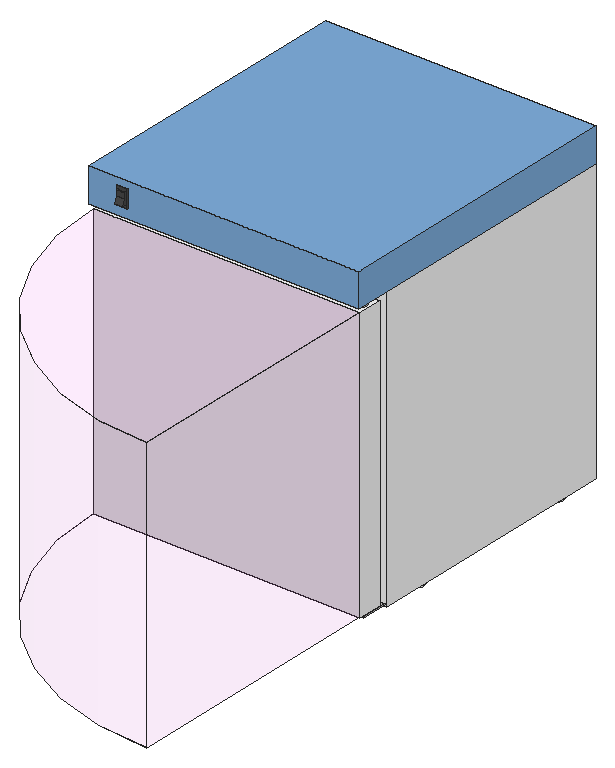
Revit family "QF_Summit_ACR21W_19 Wide_Compact_Healthcare_Refrigerator", category Specialty Equipment, Revit 2020
Family settings
  Round Connector Dimension = Use Diameter
  Part Type = Normal
  Work Plane-Based = No
  Always vertical = Yes
  Cut with Voids When Loaded = No
  Shared = No
  Room Calculation Point = No
Parameters
  Weight in Pounds = 48.5
  Watts = Volts * FL Amps  # 103.5 W
  Volts = 115 V
  URL Cutsheet = ""
  Specification by User = ""
  Specification by Manufacturer = ""
  Show Right Hand Door [instance] = yes
  Show Left Hand Door [instance] = not(Show Right Hand Door)  # no
  Show Clearance [instance] = yes
  Serial Number = ""
  Seismic Rating = ""
  SMACNA No = ""
  Revision Code = ""
  Refrigerant Type = "R600a"
  Phase = 1
  Number of Poles = 1
  NAFEM Spec ID Number = ""
  Model = "ACR21W"
  Min Ckt Ampacity = 0 A
  Max Overcurrent Protection = 0 A
  Masterspec = ""
  Manufacturer = "Summit"
  Length = 18.88"
  Item Number = ""
  Installed By = ""
  Identify Quantity as Lot = yes
  Height = 23.13"
  HP = ""
  Furnished By = ""
  Foodservice Equipment Identifier = yes
  FL Amps = 0.9 A
  Electrical Remarks = ""
  Electric Connection Type = ""
  Elec Conn RI Height = 0"
  Elec Conn Connection Height = 0"
  Description = "19\" Wide Compact Healthcare Refrigerator"
  Depth = 21.38"
  Default Elevation = 0"
  Cycle = 60 Hz
  Conn Plug = ""
  Conn Conduit = yes
  CSI MasterFormat = ""
  Apparent Power = 0 VA
Reference planes (in)
  plane 1 "BACK": y = 0
  plane 2: z = 0
  plane 3 "LEFT": x = 0
  plane 4 "RIGHT": x = 18.88
  plane 5 "FRONT": y = -21.38
  plane 6 "TOP": z = 23.13
  plane 7 "Center Y": x = 9.44
  plane 8 "Center X": y = -10.69
  plane 9: z = 20.755
Forms (in)
  Extrusion 1, solid, material "QF_Plastic_Light_Blue_Smooth"
    sketch origin (-38.39759, -180, 23.13) x (-1, 0, 0) y (0, -1, 0)
      loop
        line (-38.39759, -179.375) -> (-38.39759, -158.62) -> (-57.27759, -158.62) -> (-57.27759, -179.375) -> (-38.39759, -179.375)
    from 0 to -2.375
  Extrusion 2, solid, material "QF_Plastic_White_Smooth"
    sketch origin (-1.36756, -180, 1) x (-1, 0, 0) y (0, -1, 0)
      loop
        line (-1.36756, -179.375) -> (-1.36756, -161.12) -> (-20.24756, -161.12) -> (-20.24756, -179.375) -> (-1.36756, -179.375)
    from 0 to 19.755
  Extrusion 3, void
    sketch origin (0, -3.75, 18.875) x (0, 0, -1) y (1, 0, 0)
      loop
        line (-0.255, 1.5625) -> (16.625, 1.5625) -> (16.625, 17.3175) -> (-0.255, 17.3175) -> (-0.255, 1.5625)
    from 0 to 15.13
  Extrusion 4, solid, material "QF_Plastic_White_Smooth"
    sketch origin (0.5625, -15.875, 48) x (0, 1, 0) y (0, 0, 1)
      loop
        line (-3.505, -28.12) -> (-3.505, -46.25) -> (-3.005, -46.25) -> (-3.005, -28.12) -> (-3.505, -28.12)
    from 0 to 17.625
  Revolve 5, solid, material "QF_Metallic_Paint_White_Smooth"
    sketch origin (0, -2.125, 0) x (0, 0, -1) y (1, 0, 0)
      loop
        line (-1, 1.5) -> (-1, 1) -> (0, 1) -> (0, 1.5) -> (-1, 1.5)
      axis (-1, 1.5) -> (0, 1.5)
    angle from 0 to 360
  Revolve 6, solid, material "QF_Metallic_Paint_White_Smooth"
    sketch origin (0, -14.375, 0) x (0, 0, -1) y (-1, 0, 0)
      loop
        line (-1, -1.5) -> (0, -1.5) -> (0, -1) -> (-1, -1) -> (-1, -1.5)
      axis (-1, -1.5) -> (0, -1.5)
    angle from 0 to 360
  Revolve 7, solid, material "QF_Metallic_Paint_White_Smooth"
    sketch origin (18.75, -2.125, 0) x (0, 0, -1) y (1, 0, 0)
      loop
        line (-1, -1.37) -> (0, -1.37) -> (0, -0.87) -> (-1, -0.87) -> (-1, -1.37)
      axis (-1, -1.37) -> (0, -1.37)
    angle from 0 to 360
  Extrusion 8, solid, material "QF_Plastic_White_Smooth"
    sketch origin (18.75, 0, 0) x (0, -1, 0) y (0, 0, 1)
      loop
        line (0.5, 8.5) -> (0.5, 1) -> (0.625, 1) -> (0.625, 8.5) -> (0.5, 8.5)
      loop
        line (0.625, 19.505) -> (0, 19.505) -> (0, 9.75) -> (0.625, 9.75) -> (0.625, 19.505)
    from 0.375 to 18.375
  Extrusion 9, solid, material "QF_Metal_Stainless_Polished"
    sketch origin (0, 0, 0) x (1, 0, 0) y (0, 0, 1)
      loop
        circle (16.7348, 1.28164) r 0.125
    from 0.5 to 0.48907
  Revolve 10, solid, material "QF_Metallic_Paint_White_Smooth"
    sketch origin (18.75, -14.375, 0) x (0, 0, -1) y (-1, 0, 0)
      loop
        line (-1, 1.37) -> (-1, 0.87) -> (0, 0.87) -> (0, 1.37) -> (-1, 1.37)
      axis (-1, 1.37) -> (0, 1.37)
    angle from 0 to 360
  Extrusion 11, solid, material "QF_Metal_Stainless_Polished"
    sketch origin (-2.83942, -21.38, -0.125) x (1, 0, 0) y (0, 0, 1)
      loop
        line (4.83942, 22.77799) -> (4.83942, 21.52799) -> (5.58942, 21.52799) -> (5.58942, 22.77799) -> (4.83942, 22.77799)
    from 0 to 0.06284
  Extrusion 12, solid, material "QF_Metal_Stainless_Polished"
    sketch origin (2.375, -180.38, 33.52299) x (0, 0, -1) y (0, -1, 0)
      loop
        line (11.495, -158.93716) -> (11.89901, -158.93716) -> (11.89901, -158.67814) -> (11.495, -158.86654) -> (11.09362, -158.86654) -> (11.09362, -158.93716) -> (11.495, -158.93716)
    from -0.28042 to 0.28363
Cuts and joins
  Extrusion 3 cuts Extrusion 2
  Extrusion 3 cuts Extrusion 4
Lines and regions (in)
  Split face 1
    outline origin (2.31, -21.38, 21.0075) x (0, 0, 1) y (-1, 0, 0)
      loop
        circle (0.9766, -7.13) r 0.5
  Split face 2
    outline origin (2.31, -21.38, 21.0075) x (0, 0, 1) y (-1, 0, 0)
      loop
        circle (0.9766, -7.13) r 0.25
  Split face 3
    outline origin (0, -21.38, 20.445) x (0, 0, 1) y (-1, 0, 0)
      loop
        line (2.10399, -11.23542) -> (0.85399, -11.23542) -> (0.85399, -14.48542) -> (2.10399, -14.48542) -> (2.10399, -11.23542)
  Split face 4
    outline origin (0, -21.38, 20.195) x (0, 0, 1) y (-1, 0, 0)
      loop
        line (2.60301, -14.95537) -> (0.85497, -14.95537) -> (0.85497, -18.45537) -> (2.60301, -18.45537) -> (2.60301, -14.95537)
  Split face 5
    outline origin (0, -21.38, 20.195) x (0, 0, 1) y (-1, 0, 0)
      loop
        line (2.33838, -15.41838) -> (1.08838, -15.41838) -> (1.08838, -18.01344) -> (2.33838, -18.01344) -> (2.33838, -15.41838)
  symbolic lines
    curve 1: line (0, -0.625, 0) -> (18.88, -0.625, 0)
    curve 2: line (0, -21.38, 0) -> (0, -0.625, 0)
    curve 3: line (18.88, -21.38, 0) -> (0, -21.38, 0)
    curve 4: line (18.88, -0.625, 0) -> (18.88, -21.38, 0)
    curve 5: line (0.375, 0, 0) -> (0.375, -0.625, 0)
    curve 6: line (18.505, 0, 0) -> (0.375, 0, 0)
    curve 7: line (18.505, 0, 0) -> (18.505, -0.625, 0)
  symbolic lines, style "QF_Clearances_Door_Drawer"
    curve 8: line (2, -21.38, 0) -> (2, -21.44284, 0)
    curve 9: line (2, -21.44284, 0) -> (2.75, -21.44284, 0)
    curve 10: line (2.75, -21.44284, 0) -> (2.75, -21.38, 0)
    curve 11: line (2.09137, -21.70186, 0) -> (2.09137, -21.44284, 0)
    curve 12: line (2.09137, -21.70186, 0) -> (2.65542, -21.70186, 0)
    curve 13: line (2.65542, -21.44284, 0) -> (2.65542, -21.70186, 0)
    curve 14: line (9.065, -21.41125, 0) -> (9.065, -21.38, 0)
    curve 15: line (9.065, -21.41125, 0) -> (9.815, -21.41125, 0)
    curve 16: line (9.815, -21.41125, 0) -> (9.815, -21.38, 0)
    curve 17: line (11.565, -21.38, 0) -> (11.565, -21.41125, 0)
    curve 18: line (11.565, -21.41125, 0) -> (14.565, -21.41125, 0)
    curve 19: line (14.565, -21.41125, 0) -> (14.565, -21.38, 0)
    curve 20: line (15.315, -21.38, 0) -> (15.315, -21.41125, 0)
    curve 21: line (15.315, -21.41125, 0) -> (18.38, -21.41125, 0)
    curve 22: line (18.38, -21.41125, 0) -> (18.38, -21.38, 0)
    curve 23: line (2.09137, -21.51346, 0) -> (2.65542, -21.51346, 0)
Dimensions and locks (in)
  equal spacing: plane 3 "LEFT", plane 7 "Center Y", plane 4 "RIGHT"
  "Length": plane 3 "LEFT" to plane 4 "RIGHT"
  equal spacing: plane 5 "FRONT", plane 8 "Center X", plane 1 "BACK"
  "Depth": plane 5 "FRONT" to plane 1 "BACK"
  "Height": plane 6 "TOP" to level
  aligned and locked: level to plane 2
Automatic sketch dimensions
  curve 1 to plane 3 "LEFT" = 0"
  plane 1 "BACK" to curve 6 = 0"
  plane 5 "FRONT" to curve 8 = 0"
  curve 4 to plane 4 "RIGHT" = 0"
  plane 3 "LEFT" to curve 6 = 3/8"
  plane 5 "FRONT" to curve 9 = 0.06284"
  plane 3 "LEFT" to curve 9 = 2"
  curve 8 to curve 12 = 0.09137"
  plane 5 "FRONT" to curve 13 = 0.32186"
  curve 11 to curve 13 = 0.56404"
  curve 13 to curve 10 = 0.09458"
  plane 5 "FRONT" to curve 14 = 1/32"
  curve 14 to plane 7 "Center Y" = 3/8"
  plane 7 "Center Y" to curve 16 = 3/8"
  plane 5 "FRONT" to curve 17 = 1/32"
  curve 15 to curve 17 = 1 3/4"
  curve 17 to curve 18 = 3"
  plane 5 "FRONT" to curve 20 = 1/32"
  curve 18 to curve 20 = 3/4"
  plane 4 "RIGHT" to curve 21 = 1/2"
  plane 4 "RIGHT" to curve 7 = 3/8"
  plane 1 "BACK" to curve 1 = 5/8"
  Extrusion 1 sketch curve to plane 4 "RIGHT" = 0"
  Extrusion 1 sketch curve to plane 3 "LEFT" = 0"
  plane 5 "FRONT" to Extrusion 1 sketch curve = 0"
  plane 1 "BACK" to Extrusion 1 sketch curve = 5/8"
  Extrusion 2 sketch curve to plane 4 "RIGHT" = 0"
  Extrusion 2 sketch curve to plane 3 "LEFT" = 0"
  plane 1 "BACK" to Extrusion 2 sketch curve = 5/8"
  Extrusion 2 sketch curve to plane 5 "FRONT" = 2 1/2"
  Extrusion 3 sketch curve to plane 9 = 1 5/8"
  level to Extrusion 3 sketch curve = 2 1/4"
  plane 3 "LEFT" to Extrusion 3 sketch curve = 1 9/16"
  plane 4 "RIGHT" to Extrusion 3 sketch curve = 1 9/16"
  Extrusion 4 sketch curve to plane 5 "FRONT" = 2"
  Extrusion 4 sketch curve to Extrusion 4 sketch curve = 1/2"
  level to Extrusion 4 sketch curve = 1 3/4"
  Extrusion 4 sketch curve to plane 9 = 7/8"
  Revolve 5 sketch curve to level = 0"
  level to Revolve 5 sketch curve = 1"
  plane 3 "LEFT" to Revolve 5 sketch curve = 1"
  Revolve 5 sketch curve to Revolve 5 sketch curve = 1/2"
  Revolve 5 sketch curve to Revolve 5 sketch curve = 1/4"
  Revolve 5 sketch curve to Revolve 5 sketch curve = 0"  (x2)
  Revolve 6 sketch curve to level = 0"
  level to Revolve 6 sketch curve = 1"
  plane 3 "LEFT" to Revolve 6 sketch curve = 1 1/2"
  Revolve 6 sketch curve to Revolve 6 sketch curve = 1/2"
  Revolve 6 sketch curve to Revolve 6 sketch curve = 1/4"
  Revolve 6 sketch curve to Revolve 6 sketch curve = 0"  (x2)
  Revolve 7 sketch curve to level = 0"
  level to Revolve 7 sketch curve = 1"
  plane 4 "RIGHT" to Revolve 7 sketch curve = 1 1/2"
  Revolve 7 sketch curve to Revolve 7 sketch curve = 1/2"
  Revolve 7 sketch curve to Revolve 7 sketch curve = 1/4"
  Revolve 7 sketch curve to Revolve 7 sketch curve = 0"  (x2)
  Extrusion 8 sketch curve to plane 1 "BACK" = 0"
  plane 1 "BACK" to Extrusion 8 sketch curve = 1/2"
  Extrusion 8 sketch curve to Extrusion 8 sketch curve = 1/8"
  plane 1 "BACK" to Extrusion 8 sketch curve = 5/8"
  level to Extrusion 8 sketch curve = 1"
  Extrusion 8 sketch curve to Extrusion 8 sketch curve = 7 1/2"
  Extrusion 8 sketch curve to Extrusion 8 sketch curve = 1 1/4"
  Extrusion 8 sketch curve to plane 9 = 1 1/4"
  plane 4 "RIGHT" to Extrusion 9 sketch curve = 2.1452"
  level to Extrusion 9 sketch curve = 1.28164"
  Revolve 10 sketch curve to level = 0"
  level to Revolve 10 sketch curve = 1"
  plane 4 "RIGHT" to Revolve 10 sketch curve = 1"
  Revolve 10 sketch curve to Revolve 10 sketch curve = 1/2"
  Revolve 10 sketch curve to Revolve 10 sketch curve = 1/4"
  Revolve 10 sketch curve to Revolve 10 sketch curve = 0"  (x2)
  Split face 1 sketch curve to Extrusion 1 = 1.1459"
  Split face 1 sketch curve to Extrusion 1 = 9.44"
  Split face 2 sketch curve to Extrusion 1 = 1.1459"
  Split face 2 sketch curve to Extrusion 1 = 9.44"
  Split face 3 sketch curve to Extrusion 1 = 0.54399"
  Split face 3 sketch curve to Extrusion 1 = 0.58101"
  Split face 3 sketch curve to Extrusion 1 = 4.39458"
  Split face 3 sketch curve to Split face 3 sketch curve = 3 1/4"
  Split face 4 sketch curve to Extrusion 1 = 0.29497"
  Split face 4 sketch curve to Extrusion 1 = 0.33199"
  Split face 4 sketch curve to Extrusion 1 = 0.42463"
  Split face 4 sketch curve to Split face 4 sketch curve = 3 1/2"
  Split face 5 sketch curve to Extrusion 1 = 0.52838"
  Split face 5 sketch curve to Extrusion 1 = 0.59662"
  Split face 5 sketch curve to Extrusion 1 = 0.86656"
  Split face 5 sketch curve to Split face 5 sketch curve = 2.59507"
  plane 9 to Extrusion 11 sketch curve = 0.64799"
  plane 3 "LEFT" to Extrusion 11 sketch curve = 2"
  Extrusion 11 sketch curve to Extrusion 11 sketch curve = 3/4"
  Extrusion 11 sketch curve to plane 6 "TOP" = 0.47701"
  plane 5 "FRONT" to Extrusion 12 sketch curve = 0.13346"
  Extrusion 12 sketch curve to plane 6 "TOP" = 0.70063"
  plane 5 "FRONT" to Extrusion 12 sketch curve = 0.06284"
  Extrusion 12 sketch curve to Extrusion 12 sketch curve = 0.40138"
  Extrusion 12 sketch curve to Extrusion 12 sketch curve = 0"
  Extrusion 12 sketch curve to Extrusion 12 sketch curve = 0.40401"
  Extrusion 12 sketch curve to Extrusion 12 sketch curve = 0.25902"
  curve 23 to curve 13 = 0.07062"
  radius of Extrusion 9 sketch curve = 1/8"
  radius of Split face 1 sketch curve = 1/2"
  radius of Split face 2 sketch curve = 1/4"
Nested families (in)
  nested 1: "RHD AND LHD" at (0.065, -19.38, -0.7475), Show Clearance <- "Show Clearance", Show Left Hand Door <- "Show Left Hand Door", Show Right Hand Door <- "Show Right Hand Door", type "RHD AND LHD"
    with Show Right Hand Door yes, Show Left Hand Door no, Show Clearance yes, Right Hand Door yes, Left Hand Door no, Clearance yes
Connectors (in)
  electrical at (16.7348, -0.48907, 1.28164), driven by "Volts", driven by "Watts"
    settings: on Extrusion 9, index 1, voltage 115 V, apparent load 103.5 VA, apparent load phase1 0 VA, apparent load phase2 0 VA, apparent load phase3 0 VA, power factor 1, load classification "Other", number of poles 1, system type 30, power factor state 1, is connector primary yes, connector utility no, sub classification motor no, connector description "ELECTRICAL CONNECTION"
Definition of nested family "RHD AND LHD"
  Parameters (values of type "RHD AND LHD")
    Weight in Pounds = 0
    URL Cutsheet = ""
    Specification by User = ""
    Specification by Manufacturer = ""
    Show Right Hand Door [instance] = yes
    Show Left Hand Door [instance] = yes
    Show Clearance [instance] = yes
    Serial Number = ""
    Seismic Rating = ""
    SMACNA No = ""
    Right Hand Door [instance] = Show Right Hand Door  # yes
    Revision Code = ""
    NAFEM Spec ID Number = ""
    Masterspec = ""
    Length = 18 3/4"
    Left Hand Door [instance] = Show Left Hand Door  # yes
    Item Number = ""
    Installed By = ""
    Identify Quantity as Lot = yes
    Height = 23.13"
    Furnished By = ""
    Foodservice Equipment Identifier = yes
    Depth = 1 3/4"
    Default Elevation = 0"
    Clearance [instance] = Show Clearance  # yes
    CSI MasterFormat = ""
  Reference planes (in)
    plane 1 "BACK": y = 0
    plane 2: z = 0
    plane 3 "LEFT": x = 0
    plane 4 "RIGHT": x = 18.75
    plane 5 "FRONT": y = -1.75
    plane 6 "TOP": z = 23.13
    plane 7 "Center Y": x = 9.375
    plane 8 "Center X": y = -0.875
  Dimensions and locks (in)
    equal spacing: plane 3 "LEFT", plane 7 "Center Y", plane 4 "RIGHT"
    "Length": plane 3 "LEFT" to plane 4 "RIGHT"
    equal spacing: plane 5 "FRONT", plane 8 "Center X", plane 1 "BACK"
    "Depth": plane 5 "FRONT" to plane 1 "BACK"
    "Height": plane 6 "TOP" to level
    aligned and locked: level to plane 2
  Nested families (in)
    nested 1: "RHD" at (0, 0, 0), Show Clearance <- "Show Clearance", Show Right Hand Door <- "Right Hand Door", visible <- "Right Hand Door", type "RHD"
      with Show Right Hand Door yes, Show Clearance yes, Right Hand Door yes, Clearance yes
    nested 2: "LHD" at (0, 0, 0), Show Clearance <- "Show Clearance", Show Left Hand Door <- "Left Hand Door", visible <- "Left Hand Door", type "LHD"
      with Show Left Hand Door yes, Show Clearance yes, Left Hand Door yes, Clearance yes
  Definition of nested family "RHD"
    Parameters (values of type "RHD")
      Weight in Pounds = 0
      URL Cutsheet = ""
      Specification by User = ""
      Specification by Manufacturer = ""
      Show Right Hand Door [instance] = yes
      Show Clearance [instance] = yes
      Serial Number = ""
      Seismic Rating = ""
      SMACNA No = ""
      Right Hand Door [instance] = Show Right Hand Door  # yes
      Revision Code = ""
      NAFEM Spec ID Number = ""
      Masterspec = ""
      Length = 18 3/4"
      Item Number = ""
      Installed By = ""
      Identify Quantity as Lot = yes
      Height = 22.88"
      Furnished By = ""
      Foodservice Equipment Identifier = yes
      Depth = 1 3/4"
      Default Elevation = 0"
      Clearance [instance] = Show Clearance  # yes
      CSI MasterFormat = ""
    Reference planes (in)
      plane 1 "BACK": y = 0
      plane 2: z = 0
      plane 3 "LEFT": x = 0
      plane 4 "RIGHT": x = 18.75
      plane 5 "FRONT": y = -1.75
      plane 6 "TOP": z = 22.88
      plane 7 "Center Y": x = 9.375
      plane 8 "Center X": y = -0.875
    Forms (in)
      Extrusion 1, solid, visible <- "Right Hand Door"
        sketch origin (-2.76448, -1.75, 48) x (-1, 0, 0) y (0, 0, 1)
          loop
            line (-2.82698, -26.8725) -> (-21.45198, -26.8725) -> (-21.45198, -45.9975) -> (-2.82698, -45.9975) -> (-2.82698, -26.8725)
        from 0 to 1.75
      Extrusion 2, solid, visible <- "Right Hand Door"
        sketch origin (0, -0.25, 0) x (0, 1, 0) y (0, 0, 1)
          loop
            arc (0.125, 15.6275) -> (0.05178, 15.80428) -> (-0.125, 15.8775) r 0.25
            line (-0.125, 15.8775) -> (-1.125, 15.8775)
            arc (-1.125, 15.8775) -> (-1.30178, 15.80428) -> (-1.375, 15.6275) r 0.25
            line (-1.375, 15.6275) -> (-1.375, 8.1275)
            arc (-1.375, 8.1275) -> (-1.30178, 7.95072) -> (-1.125, 7.8775) r 0.25
            line (-1.125, 7.8775) -> (-0.125, 7.8775)
            arc (-0.125, 7.8775) -> (0.05178, 7.95072) -> (0.125, 8.1275) r 0.25
            line (0.125, 8.1275) -> (0.125, 15.6275)
          loop
            arc (-0.125, 15.12512) -> (-0.625, 15.62512) -> (-1.125, 15.12512) r 0.5
            line (-1.125, 15.12512) -> (-1.125, 8.6275)
            arc (-1.125, 8.6275) -> (-0.625, 8.1275) -> (-0.125, 8.6275) r 0.5
            line (-0.125, 8.6275) -> (-0.125, 15.12512)
        from 0 to 0.0625
      Extrusion 3, void
        sketch origin (0, -0.25, 0) x (0, 1, 0) y (0, 0, 1)
          loop
            line (-0.125, 8.6275) -> (-0.125, 15.12512)
            arc (-0.125, 15.12512) -> (-0.625, 15.62512) -> (-1.125, 15.12512) r 0.5
            line (-1.125, 15.12512) -> (-1.125, 8.6275)
            arc (-1.125, 8.6275) -> (-0.625, 8.1275) -> (-0.125, 8.6275) r 0.5
        from 0 to 0.33876
      Extrusion 4, solid, visible <- "Clearance"
        sketch origin (16.53697, -1.75, 2.0025) x (0, 1, 0) y (1, 0, 0)
          loop
            line (0, -16.47447) -> (0, 2.15053) -> (-18.625, 2.15053)
            arc (-18.625, 2.15053) -> (-13.16986, -11.01933) -> (0, -16.47447) r 18.625
        from 0 to -19.125
      Revolve 5, solid, visible <- "Right Hand Door"
        sketch origin (18.25, -163.625, 21.5025) x (0, 0, 1) y (0, -1, 0)
          loop
            line (-0.375, -162.75) -> (-0.375, -163) -> (0, -163) -> (0, -162.75) -> (-0.375, -162.75)
          axis (0, -162.75) -> (-0.375, -162.75)
        angle from 0 to 360
      Extrusion 6, solid, visible <- "Right Hand Door"
        sketch origin (18.75, 0.5, 1.7525) x (-1, 0, 0) y (0, 0, -1)
          loop
            line (0.9375, -0.15066) -> (0.9375, -0.08986) -> (0.0625, -0.08986) -> (0.0625, -0.15066) -> (0.9375, -0.15066)
        from 0 to 1.84933
      Revolve 7, solid, visible <- "Right Hand Door"
        sketch origin (18.25, -163.625, 2.0025) x (0, 0, 1) y (0, -1, 0)
          loop
            line (-0.09934, -162.75) -> (-0.09934, -163) -> (0, -163) -> (0, -162.75) -> (-0.09934, -162.75)
          axis (0, -162.75) -> (-0.09934, -162.75)
        angle from 0 to 360
    Cuts and joins
      Extrusion 3 cuts Extrusion 1
      Extrusion 3 cuts Extrusion 2
    Lines and regions (in)
      symbolic lines, visible <- "Clearance"
        curve 1: arc (2.66712, -11.24937, 0) -> (0.72545, -6.67499, 0) -> (0.0625, -1.75, 0) r 18.625
        curve 2: line (18.6875, -2, 0) -> (2.66712, -11.24937, 0)
    Dimensions and locks (in)
      equal spacing: plane 3 "LEFT", plane 7 "Center Y", plane 4 "RIGHT"
      "Length": plane 3 "LEFT" to plane 4 "RIGHT"
      equal spacing: plane 5 "FRONT", plane 8 "Center X", plane 1 "BACK"
      "Depth": plane 5 "FRONT" to plane 1 "BACK"
      "Height": plane 6 "TOP" to level
      aligned and locked: level to plane 2
    Automatic sketch dimensions
      plane 4 "RIGHT" to Extrusion 1 sketch curve = 1/16"
      plane 3 "LEFT" to Extrusion 1 sketch curve = 1/16"
      level to Extrusion 1 sketch curve = 2.0025"
      Extrusion 1 sketch curve to plane 6 "TOP" = 1.7525"
      Extrusion 2 sketch curve to Extrusion 2 sketch curve = 1/4"  (x3)
      Extrusion 2 sketch curve to Extrusion 2 sketch curve = 1/2"  (x3)
      Extrusion 2 sketch curve to Extrusion 2 sketch curve = 0"  (x2)
      level to Extrusion 2 sketch curve = 7.8775"
      Extrusion 2 sketch curve to Extrusion 2 sketch curve = 6.49762"
      Extrusion 2 sketch curve to Extrusion 2 sketch curve = 0.50238"
      Extrusion 3 sketch curve to Extrusion 3 sketch curve = 1/2"
      level to Extrusion 3 sketch curve = 8.6275"
      Extrusion 3 sketch curve to Extrusion 3 sketch curve = 6.49762"
      Extrusion 4 sketch curve to Extrusion 1 = 0"  (x2)
      Extrusion 1 to Extrusion 4 sketch curve = 0"
      Extrusion 2 sketch curve to plane 5 "FRONT" = 1/8"
      Extrusion 3 sketch curve to plane 5 "FRONT" = 3/8"
      plane 5 "FRONT" to curve 1 = 0"
      plane 4 "RIGHT" to curve 1 = 1/16"
      plane 4 "RIGHT" to curve 2 = 1/16"
      plane 3 "LEFT" to curve 2 = 2.66712"
      plane 3 "LEFT" to curve 1 = 1/16"
      curve 2 to curve 1 = 1/4"
      Revolve 5 sketch curve to plane 8 "Center X" = 0"  (x2)
      Revolve 5 sketch curve to plane 6 "TOP" = 1.7525"
      Revolve 5 sketch curve to Revolve 5 sketch curve = 3/8"
      Revolve 5 sketch curve to Revolve 5 sketch curve = 1/4"
      Revolve 5 sketch curve to Revolve 5 sketch curve = 0.12972"
      Revolve 5 sketch curve to Revolve 5 sketch curve = 0"
      plane 4 "RIGHT" to Extrusion 6 sketch curve = 1/16"
      Extrusion 6 sketch curve to Extrusion 6 sketch curve = 7/8"
      level to Extrusion 6 sketch curve = 1.90316"
      Extrusion 6 sketch curve to Extrusion 6 sketch curve = 0.0608"
      Revolve 7 sketch curve to plane 8 "Center X" = 0"  (x2)
      level to Revolve 7 sketch curve = 1.90316"
      Revolve 7 sketch curve to Revolve 7 sketch curve = 0.09934"
      Revolve 7 sketch curve to Revolve 7 sketch curve = 1/4"
      Revolve 7 sketch curve to Revolve 7 sketch curve = 0.03038"
      Revolve 7 sketch curve to Revolve 7 sketch curve = 0"
  Definition of nested family "LHD"
    Parameters (values of type "LHD")
      Weight in Pounds = 0
      URL Cutsheet = ""
      Specification by User = ""
      Specification by Manufacturer = ""
      Show Left Hand Door [instance] = yes
      Show Clearance [instance] = yes
      Serial Number = ""
      Seismic Rating = ""
      SMACNA No = ""
      Left Hand Door [instance] = Show Left Hand Door  # yes
      Revision Code = ""
      NAFEM Spec ID Number = ""
      Masterspec = ""
      Length = 18 3/4"
      Item Number = ""
      Installed By = ""
      Identify Quantity as Lot = yes
      Height = 22.88"
      Furnished By = ""
      Foodservice Equipment Identifier = yes
      Depth = 1 3/4"
      Default Elevation = 0"
      Clearance [instance] = Show Clearance  # yes
      CSI MasterFormat = ""
    Reference planes (in)
      plane 1 "BACK": y = 0
      plane 2: z = 0
      plane 3 "LEFT": x = 0
      plane 4 "RIGHT": x = 18.75
      plane 5 "FRONT": y = -1.75
      plane 6 "TOP": z = 22.88
      plane 7 "Center Y": x = 9.375
      plane 8 "Center X": y = -0.875
    Forms (in)
      Extrusion 1, solid, visible <- "Left Hand Door"
        sketch origin (-2.76448, -1.75, 48) x (-1, 0, 0) y (0, 0, 1)
          loop
            line (-2.82698, -26.8725) -> (-21.45198, -26.8725) -> (-21.45198, -45.9975) -> (-2.82698, -45.9975) -> (-2.82698, -26.8725)
        from 0 to 1.75
      Extrusion 2, solid, visible <- "Left Hand Door"
        sketch origin (18.75, -0.25, 0) x (0, 1, 0) y (0, 0, -1)
          loop
            line (0.125, -15.6275) -> (0.125, -8.1275)
            arc (0.125, -8.1275) -> (0.05178, -7.95072) -> (-0.125, -7.8775) r 0.25
            line (-0.125, -7.8775) -> (-1.125, -7.8775)
            arc (-1.125, -7.8775) -> (-1.30178, -7.95072) -> (-1.375, -8.1275) r 0.25
            line (-1.375, -8.1275) -> (-1.375, -15.6275)
            arc (-1.375, -15.6275) -> (-1.30178, -15.80428) -> (-1.125, -15.8775) r 0.25
            line (-1.125, -15.8775) -> (-0.125, -15.8775)
            arc (-0.125, -15.8775) -> (0.05178, -15.80428) -> (0.125, -15.6275) r 0.25
          loop
            line (-0.125, -15.12512) -> (-0.125, -8.6275)
            arc (-0.125, -8.6275) -> (-0.625, -8.1275) -> (-1.125, -8.6275) r 0.5
            line (-1.125, -8.6275) -> (-1.125, -15.12512)
            arc (-1.125, -15.12512) -> (-0.625, -15.62512) -> (-0.125, -15.12512) r 0.5
        from 0 to 0.0625
      Extrusion 3, solid, visible <- "Clearance"
        sketch origin (2.21303, -1.75, 2.0025) x (0, -1, 0) y (-1, 0, 0)
          loop
            arc (0, -16.47447) -> (13.16986, -11.01933) -> (18.625, 2.15053) r 18.625
            line (18.625, 2.15053) -> (0, 2.15053) -> (0, -16.47447)
        from 0 to -19.125
      Extrusion 4, void
        sketch origin (18.6875, -1.75, 20.8775) x (0, 0, 1) y (0, 1, 0)
          loop
            arc (-5.50238, 0.375) -> (-5.00238, 0.875) -> (-5.50238, 1.375) r 0.5
            line (-5.50238, 1.375) -> (-12.25, 1.375)
            arc (-12.25, 1.375) -> (-12.75, 0.875) -> (-12.25, 0.375) r 0.5
            line (-12.25, 0.375) -> (-5.50238, 0.375)
        from 0 to 0.68518
      Revolve 5, solid, visible <- "Left Hand Door"
        sketch origin (0.5, -163.625, 21.5025) x (0, 0, 1) y (0, -1, 0)
          loop
            line (-0.375, -162.75) -> (-0.375, -163) -> (0, -163) -> (0, -162.75) -> (-0.375, -162.75)
          axis (0, -162.75) -> (-0.375, -162.75)
        angle from 0 to 360
      Extrusion 6, solid, visible <- "Left Hand Door"
        sketch origin (1, 0.5, 1.7525) x (-1, 0, 0) y (0, 0, -1)
          loop
            line (0.9375, -0.15066) -> (0.9375, -0.08986) -> (0.0625, -0.08986) -> (0.0625, -0.15066) -> (0.9375, -0.15066)
        from 0 to 1.84933
      Revolve 7, solid, visible <- "Left Hand Door"
        sketch origin (0.5, -163.625, 2.0025) x (0, 0, 1) y (0, -1, 0)
          loop
            line (-0.09934, -162.75) -> (-0.09934, -163) -> (0, -163) -> (0, -162.75) -> (-0.09934, -162.75)
          axis (0, -162.75) -> (-0.09934, -162.75)
        angle from 0 to 360
    Cuts and joins
      Extrusion 4 cuts Extrusion 1
    Lines and regions (in)
      symbolic lines, visible <- "Left Hand Door"
        curve 1: arc (16.08288, -11.24937, 0) -> (18.02455, -6.67499, 0) -> (18.6875, -1.75, 0) r 18.625
        curve 2: line (0.06419, -2.00098, 0) -> (16.08288, -11.24937, 0)
    Dimensions and locks (in)
      equal spacing: plane 3 "LEFT", plane 7 "Center Y", plane 4 "RIGHT"
      "Length": plane 3 "LEFT" to plane 4 "RIGHT"
      equal spacing: plane 5 "FRONT", plane 8 "Center X", plane 1 "BACK"
      "Depth": plane 5 "FRONT" to plane 1 "BACK"
      "Height": plane 6 "TOP" to level
      aligned and locked: level to plane 2
    Automatic sketch dimensions
      plane 5 "FRONT" to curve 1 = 0"
      plane 3 "LEFT" to curve 1 = 1/16"
      plane 4 "RIGHT" to curve 2 = 2.66712"
      plane 5 "FRONT" to curve 2 = 9.49937"
      plane 3 "LEFT" to curve 2 = 0.06419"
      plane 4 "RIGHT" to Extrusion 1 sketch curve = 1/16"
      plane 3 "LEFT" to Extrusion 1 sketch curve = 1/16"
      level to Extrusion 1 sketch curve = 2.0025"
      Extrusion 1 sketch curve to plane 6 "TOP" = 1.7525"
      Extrusion 2 sketch curve to plane 8 "Center X" = 0"
      Extrusion 2 sketch curve to plane 5 "FRONT" = 3/8"  (x3)
      Extrusion 2 sketch curve to plane 5 "FRONT" = 1/8"
      plane 1 "BACK" to Extrusion 2 sketch curve = 3/8"  (x2)
      plane 1 "BACK" to Extrusion 2 sketch curve = 1/8"
      Extrusion 2 sketch curve to plane 6 "TOP" = 7.0025"
      Extrusion 2 sketch curve to Extrusion 2 sketch curve = 0.50238"
      Extrusion 2 sketch curve to Extrusion 2 sketch curve = 6.49762"
      Extrusion 2 sketch curve to Extrusion 2 sketch curve = 1/2"
      plane 5 "FRONT" to Extrusion 3 sketch curve = 0"
      plane 3 "LEFT" to Extrusion 3 sketch curve = 1/16"
      Extrusion 3 sketch curve to Extrusion 3 sketch curve = 18 5/8"
      plane 5 "FRONT" to curve 2 = 0.25098"
      Extrusion 4 sketch curve to Extrusion 1 = 7/8"
      Extrusion 4 sketch curve to Extrusion 1 = 6 5/8"
      Extrusion 4 sketch curve to Extrusion 1 = 5.75238"
      Extrusion 4 sketch curve to Extrusion 1 = 3/8"
      Revolve 5 sketch curve to plane 8 "Center X" = 0"  (x2)
      Revolve 5 sketch curve to plane 6 "TOP" = 1.7525"
      Revolve 5 sketch curve to Revolve 5 sketch curve = 3/8"
      Revolve 5 sketch curve to Revolve 5 sketch curve = 1/4"
      Revolve 5 sketch curve to Revolve 5 sketch curve = 0.12972"
      Revolve 5 sketch curve to Revolve 5 sketch curve = 0"
      plane 3 "LEFT" to Extrusion 6 sketch curve = 15/16"
      plane 3 "LEFT" to Extrusion 6 sketch curve = 1/16"
      level to Extrusion 6 sketch curve = 1.90316"
      Extrusion 6 sketch curve to Extrusion 6 sketch curve = 0.0608"
      Revolve 7 sketch curve to plane 8 "Center X" = 0"  (x2)
      level to Revolve 7 sketch curve = 1.90316"
      Revolve 7 sketch curve to Revolve 7 sketch curve = 0.09934"
      Revolve 7 sketch curve to Revolve 7 sketch curve = 1/4"
      Revolve 7 sketch curve to Revolve 7 sketch curve = 0.03038"
      Revolve 7 sketch curve to Revolve 7 sketch curve = 0"
